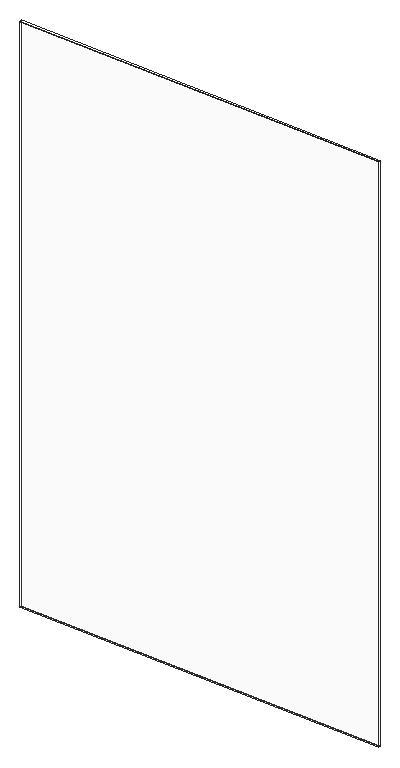
Revit family "Building-Materials_Glass-Glazing_Vitro-Architectural-Glass_Heavy-Starphire-Glass", category Curtain Panels, Revit 2026
Family settings
  Classification Number = 23.25.20.14.11.11.17
  Always vertical = Yes
  Cut with Voids When Loaded = No
  Shared = No
Parameters (values of type "Heavy Starphire 1/2"")
  Visual Light Transmittance = if(Thickness > 0' 0 3/8", 0.9, 0.91)  # 0.9
  UV Light Transmittance = 0.83
  URL = "https://www.vitroglazings.com/"
  U-Value Argon (Winter Night) = 0.0000 BTU/(h·ft²·°F)
  U-Value Argon (Summer Day) = 0.0000 BTU/(h·ft²·°F)
  U-Value Air (Winter Night) = 0.9800 BTU/(h·ft²·°F)
  U-Value Air (Summer Day) = 0.0000 BTU/(h·ft²·°F)
  Thickness = 0' - 0 1/2"
  Thermal Resistance (R) = 8.3333 (h·ft²·°F)/BTU  # constant formula
  Solar Light Transmittance = 0.86
  Solar Heat Gain Coefficient = if(Thickness = 0' 0 3/4", 0.86, if(Thickness = 0' 0 5/8", 0.87, if(Thickness = 0' 0 1/2", 0.88, if(or(Thickness = 0' 0 3/8", Thickness = 0' 0 5/16"), 0.89, if(or(Thickness = 0' 0 1/4", Thickness = 0' 0 3/16"), 0.9, 0.91)))))  # 0.88
  Shadow Coefficient = 0
  Reflectance (Visible Interior) = 8
  Reflectance (Visible Exterior) = 8
  Product data url = "https://www.bimobject.com/vitroarchictecturalglass/product/heavy-starphire-glass"
  Product Page URL = "https://www.vitroglazings.com/products/low-iron-glass/starphire-ultra-clear-glass/heavy-starphire-glass/"
  Product Guid = "3a52f096-04b8-4d6f-bf8e-234ac1879292"  # constant formula
  Model = "Heavy Starphire 1/2\""
  Manufacturer = "Vitro Architectural Glass "  # constant formula
  Light to Solar Gain = 1.02
  Keynote = "08900"
  ISO Damage Weighted Transmittance = 0
  Heat Transfer Coefficient (U) = 0.2900 BTU/(h·ft²·°F)  # constant formula
  Glass Material = Vitro Architectural-Glass - Starphire
  Finish = "Glass"
  Description = "Starphire Ultra-Clear® glass can transform your heavy glass applications from attractive to sensational by adding sparkling clarity and unsurpassed color fidelity compared to standard clear glass."  # constant formula
  Define Thermal Properties by = Schematic Type
  Assembly Code = "B2020220"
  Analytic Construction = "Large single-glazed windows"
Types (9): name | Visual Light Transmittance | UV Light Transmittance | U-Value Air (Winter Night) | U-Value Air (Summer Day) | Thickness | Solar Light Transmittance | Solar Heat Gain Coefficient | Shadow Coefficient | Model | Light to Solar Gain | ISO Damage Weighted Transmittance
  Heavy Starphire 1/8" | 0.91 | 0.89 | 1.0400 BTU/(h·ft²·°F) | 0.0000 BTU/(h·ft²·°F) | 0' - 0 1/8" | 0.9 | 0.91 | 0 | "Heavy Starphire 1/8\"" | 1 | 0
  Heavy Starphire 5/32" | 0.91 | 0.88 | 1.0400 BTU/(h·ft²·°F) | 0.0000 BTU/(h·ft²·°F) | 0' - 0 5/32" | 0.9 | 0.91 | 0 | "Heavy Starphire 5/32\"" | 1 | 0
  Heavy Starphire 3/16" | 0.91 | 0.88 | 1.0300 BTU/(h·ft²·°F) | 0.0000 BTU/(h·ft²·°F) | 0' - 0 3/16" | 0.9 | 0.9 | 0 | "Heavy Starphire 3/16\"" | 1.01 | 0
  Heavy Starphire 1/4" | 0.91 | 0.87 | 1.0200 BTU/(h·ft²·°F) | 0.9200 BTU/(h·ft²·°F) | 0' - 0 1/4" | 0.89 | 0.9 | 1.03 | "Heavy Starphire 1/4\"" | 1.01 | 0.898
  Heavy Starphire 5/16" | 0.91 | 0.86 | 1.0100 BTU/(h·ft²·°F) | 0.0000 BTU/(h·ft²·°F) | 0' - 0 5/16" | 0.88 | 0.89 | 0 | "Heavy Starphire 5/16\"" | 1.02 | 0
  Heavy Starphire 3/8" | 0.91 | 0.85 | 1.0000 BTU/(h·ft²·°F) | 0.0000 BTU/(h·ft²·°F) | 0' - 0 3/8" | 0.87 | 0.89 | 0 | "Heavy Starphire 3/8\"" | 1.02 | 0
  Heavy Starphire 1/2" | 0.9 | 0.83 | 0.9800 BTU/(h·ft²·°F) | 0.0000 BTU/(h·ft²·°F) | 0' - 0 1/2" | 0.86 | 0.88 | 0 | "Heavy Starphire 1/2\"" | 1.02 | 0
  Heavy Starphire 5/8" | 0.9 | 0.81 | 0.9700 BTU/(h·ft²·°F) | 0.0000 BTU/(h·ft²·°F) | 0' - 0 5/8" | 0.84 | 0.87 | 0 | "Heavy Starphire 5/8\"" | 1.03 | 0
  Heavy Starphire 3/4" | 0.9 | 0.8 | 0.9500 BTU/(h·ft²·°F) | 0.0000 BTU/(h·ft²·°F) | 0' - 0 3/4" | 0.83 | 0.86 | 0 | "Heavy Starphire 3/4\"" | 1.05 | 0
Reference planes (in)
  plane 1 "Front": y = 0
  plane 2: z = 0
  plane 3 "Center (Left/Right)": x = 0
  plane 4 "Left": x = -32.75106
  plane 5 "Right": x = 32.75106
  plane 6 "Top": z = 96
  plane 7: y = 0.25
  plane 8: y = -0.25
Forms (in)
  Extrusion 1, solid, material "Vitro Architectural-Glass - Starphire" <- "Glass Material"
    sketch origin (0, 0.5, 0) x (1, 0, 0) y (0, 1, 0)
      loop
        line (-32.75106, -0.25) -> (-32.75106, -0.75) -> (32.75106, -0.75) -> (32.75106, -0.25) -> (-32.75106, -0.25)
    from 0 to 96
Text (in)
  text "Exterior" at (-54.29358, 31.38743, 0), in view "Ref. Level"
  text "Exterior" at (480, 41.53993, 89.60405), in view "Right"
  text "Exterior" at (-240, 57.82419, 105.78864), in view "Left"
Dimensions and locks (in)
  equal spacing: plane 4 "Left", plane 3 "Center (Left/Right)", plane 5 "Right"
  plane 7 to Extrusion 1 sketch curve = 0' - 0"
  equal spacing: plane 7, plane 1 "Front", plane 8
  "Thickness": plane 7 to plane 8
  aligned and locked: level to plane 2
  aligned and locked: Extrusion 1 sketch curve to plane 4 "Left"
  aligned and locked: plane 5 "Right" to Extrusion 1 sketch curve
  aligned and locked: Extrusion 1 to plane 6 "Top"
  aligned and locked: Extrusion 1 to level
  aligned and locked: plane 7 to Extrusion 1
  aligned and locked: Extrusion 1 to plane 8
Automatic sketch dimensions
  Extrusion 1 sketch curve to plane 7 = 0' - 0 1/2"
